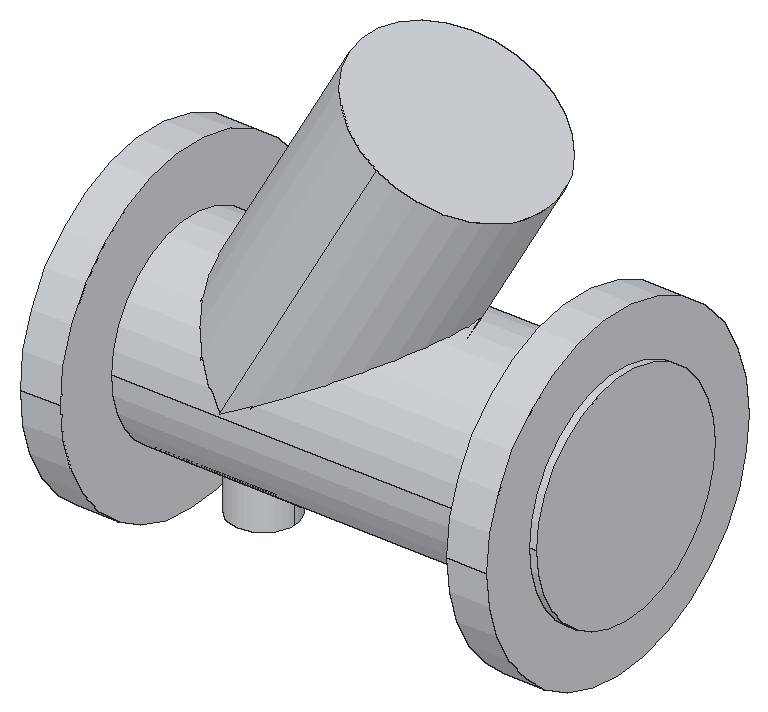
Revit family "HS 821-síto_standard-PN25-DN125-RFA_2018", category Pipe Accessories, Revit 2018
Family settings
  Round Connector Dimension = Use Diameter
  Part Type = Breaks Into
  Work Plane-Based = No
  Always vertical = Yes
  Cut with Voids When Loaded = No
  Shared = No
Parameters (values of type "821D-DN125-PN25-síto_standard")
  magiProductId = "77cc98d60da24855999a22dff726b2"
  magiProductFamilyId = "79214ac3aaa945e397802f559f5c1e"
  magiPartTypeId = 307
  isMeasuringValve [instance] = no
  ang2D [instance] = 0.00°
  ZB__ve = -ZB  # -42.5 mm
  ZB1 = 74.52 mm
  ZB = 42.5 mm
  X2 = 131.888 mm
  X1 = 56 mm
  W2D = 15 mm
  VersionID = "2.0/2017.9.26.1/ZETKAMA_821_001"
  Use Minimum Symbol Size [instance] = yes
  URL = "www.hydronic.cz"
  Type Comments = "Filtr přírubový; síto standardní; A-PN16 (-10~300°C); D-PN25 (-10~350°C); F-PN40 (-10~400°C)"
  S = 184 mm
  QmdConnectorList = "301;D;302;D"
  Productdata [instance] = ""
  Manufacturer = "Hydronic Systems Prague s.r.o."
  MC Product Code = "200 291 (821D; DN125; PN25; kvs326,2; oko síta 1,60mm)"
  LM1 = 32 mm
  LM = 320 mm
  L4 = 100 mm
  L2D_Min = 3048 mm
  L2D = 130 mm
  L2 = 200 mm
  HH2 = 228.438 mm
  FD = 270 mm
  Description = "Filtr přírubový; síto standardní; 821A-PN16; 821D-PN25; 821F-PN40"
  DM1 = 165 mm
  DM = 165.6 mm
  D = 125 mm
  CC = 6.8 mm
  CAT0 = yes
  C1 = 33.2 mm
  C = 40 mm
  BD = 52.164 mm
Types (40, lengths in mm): name | magiProductId | ZB__ve | ZB1 | ZB | X2 | X1 | S | MC Product Code | LM1 | LM | L4 | L2 | HH2 | FD | DM1 | DM | D | CC | C1 | C | BD
  821A-DN015-PN16-síto_standard | "a71bcfe8b393460598b23e8ddf7dc5" | -16.25 | 18.63 | 16.25 | 46.982 | 18.2 | 46 | "200 115 (821A; DN015; PN16; kvs6,3; oko síta 1,00mm)" | 10.4 | 104 | 32.5 | 65 | 81.375 | 95 | 27.6 | 41.4 | 15 | 2.21 | 10.79 | 13 | 13.041
  821A-DN020-PN16-síto_standard | "41cd6c7a12924f4991217528336076" | -17.75 | 22.68 | 17.75 | 51.673 | 21 | 56 | "200 120 (821A; DN020; PN16; kvs11,2; oko síta 1,00mm)" | 12 | 120 | 37.5 | 75 | 89.5 | 105 | 33.6 | 50.4 | 20 | 2.55 | 12.45 | 15 | 15.876
  821A-DN025-PN16-síto_standard | "be378b463ed14c3abf4c9b3ae8cf3a" | -19.25 | 26.325 | 19.25 | 58.601 | 22.4 | 65 | "200 125 (821A; DN025; PN16; kvs14,7; oko síta 1,00mm)" | 12.8 | 128 | 40 | 80 | 101.5 | 115 | 43.2 | 58.5 | 25 | 2.72 | 13.28 | 16 | 18.427
  821A-DN032-PN16-síto_standard | "227a0d18b21540afabe8b6067d35fa" | -23 | 30.78 | 23 | 68.849 | 25.2 | 76 | "200 132 (821A; DN032; PN16; kvs23,7; oko síta 1,00mm)" | 14.4 | 144 | 45 | 90 | 119.25 | 140 | 50.4 | 68.4 | 32 | 3.06 | 14.94 | 18 | 21.546
  821A-DN040-PN16-síto_standard | "d106917c74724141a10440112d0102" | -24.5 | 34.02 | 24.5 | 75.777 | 28 | 84 | "200 140 (821A; DN040; PN16; kvs37,7; oko síta 1,00mm)" | 16 | 160 | 50 | 100 | 131.25 | 150 | 60 | 75.6 | 40 | 3.4 | 16.6 | 20 | 23.814
  821A-DN050-PN16-síto_standard | "8255d456a09e4f6486734f5dd9171b" | -26.75 | 40.095 | 26.75 | 79.061 | 32.2 | 99 | "200 150 (821A; DN050 PN16; kvs57,9; oko síta 1,00mm)" | 18.4 | 184 | 57.5 | 115 | 136.938 | 165 | 73.8 | 89.1 | 50 | 3.91 | 19.09 | 23 | 28.066
  821A-DN065-PN16-síto_standard | "235b1b3e4c0843779a4d5e3716d40a" | -29.75 | 47.79 | 29.75 | 86.927 | 40.6 | 118 | "200 165 (821A; DN065; PN16; kvs101,5; oko síta 1,25mm)" | 23.2 | 232 | 72.5 | 145 | 150.562 | 185 | 94.2 | 106.2 | 65 | 4.93 | 24.07 | 29 | 33.453
  821A-DN080-PN16-síto_standard | "a067f7c5236348ed8c820d16df7214" | -32 | 53.46 | 32 | 104.753 | 43.4 | 132 | "200 180 (821A; DN080; PN16; kvs147,4; oko síta 1,25mm)" | 24.8 | 248 | 77.5 | 155 | 181.438 | 200 | 107.4 | 118.8 | 80 | 5.27 | 25.73 | 31 | 37.422
  821A-DN100-PN16-síto_standard | "c49a648c2747461285837d643703cd" | -35 | 63.18 | 35 | 114.857 | 49 | 156 | "200 190 (821A; DN100; PN16; kvs209,6; oko síta 1,60mm)" | 28 | 280 | 87.5 | 175 | 198.937 | 220 | 131.4 | 140.4 | 100 | 5.95 | 29.05 | 35 | 44.226
  821A-DN125-PN16-síto_standard | "bf68e728a163493cbd2a663b26ebdc" | -39.5 | 74.52 | 39.5 | 131.888 | 56 | 184 | "200 191 (821A; DN125; PN16; kvs326,2; oko síta 1,60mm)" | 32 | 320 | 100 | 200 | 228.438 | 250 | 165 | 165.6 | 125 | 6.8 | 33.2 | 40 | 52.164
  821A-DN150-PN16-síto_standard | "2de770284b654863ae6bc865769dc5" | -44.75 | 85.455 | 44.75 | 155.885 | 67.2 | 211 | "200 192 (821A; DN150; PN16; kvs403; oko síta 1,60mm)" | 38.4 | 384 | 120 | 240 | 270 | 285 | 192 | 189.9 | 150 | 8.16 | 39.84 | 48 | 59.818
  821A-DN200-PN16-síto_standard | "8e5693371ab64aabb29a7f08c76e15" | -53 | 107.73 | 53 | 188.361 | 84 | 266 | "200 193 (821A; DN200; PN16; kvs707; oko síta 1,60mm)" | 48 | 480 | 150 | 300 | 326.25 | 340 | 252 | 239.4 | 200 | 10.2 | 49.8 | 60 | 75.411
  821A-DN250-PN16-síto_standard | "05e37ed948c34047acdd4c42556504" | -62.75 | 129.195 | 62.75 | 255.911 | 102.2 | 319 | "200 194 (821A; DN250; PN16; kvs1234; oko síta 1,60mm)" | 58.4 | 584 | 182.5 | 365 | 443.25 | 405 | 309.6 | 287.1 | 250 | 12.41 | 60.59 | 73 | 90.436
  821A-DN300-PN16-síto_standard | "9ad0af747269428da925480d83ce80" | -71 | 149.85 | 71 | 325.914 | 119 | 370 | "200 195 (821A; DN300; PN16; kvs1916; oko síta 1,60mm)" | 68 | 680 | 212.5 | 425 | 564.5 | 460 | 369.6 | 333 | 300 | 14.45 | 70.55 | 85 | 104.895
  821A-DN350-PN16-síto_standard | "eebc71459bb3451bb4355e7951370a" | -80 | 173.745 | 80 | 356.875 | 137.2 | 429 | "200 196 (821A; DN350; PN16; kvs2621; oko síta 1,60mm)" | 78.4 | 784 | 245 | 490 | 618.125 | 520 | 438 | 386.1 | 350 | 16.66 | 81.34 | 98 | 121.621
  821A-DN400-PN16-síto_standard | "d2f677cb196647e385b2590e7d8abe" | -89 | 194.4 | 89 | 392.237 | 154 | 480 | "200 197 (821A; DN400; PN16; kvs3460; oko síta 1,60mm)" | 88 | 880 | 275 | 550 | 679.375 | 580 | 498 | 432 | 400 | 18.7 | 91.3 | 110 | 136.08
  821D-DN015-PN25-síto_standard | "27ddcbf555414f8ca1fde329bf9087" | -16.25 | 18.63 | 16.25 | 46.982 | 18.2 | 46 | "200 215 (821D; DN015; PN25; kvs6,3; oko síta 1,00mm)" | 10.4 | 104 | 32.5 | 65 | 81.375 | 95 | 27.6 | 41.4 | 15 | 2.21 | 10.79 | 13 | 13.041
  821D-DN020-PN25-síto_standard | "270e0f14012f47189cd0235c18faee" | -17.75 | 22.68 | 17.75 | 51.673 | 21 | 56 | "200 220 (821D; DN020; PN25; kvs11,2; oko síta 1,00mm)" | 12 | 120 | 37.5 | 75 | 89.5 | 105 | 33.6 | 50.4 | 20 | 2.55 | 12.45 | 15 | 15.876
  821D-DN025-PN25-síto_standard | "b9a7fb4aa36643878c637d8e1ab992" | -19.25 | 26.325 | 19.25 | 58.601 | 22.4 | 65 | "200 225 (821D; DN025; PN25; kvs14,7; oko síta 1,00mm)" | 12.8 | 128 | 40 | 80 | 101.5 | 115 | 43.2 | 58.5 | 25 | 2.72 | 13.28 | 16 | 18.427
  821D-DN032-PN25-síto_standard | "6be9a55c4e68400f94eec7e804204c" | -23 | 30.78 | 23 | 68.849 | 25.2 | 76 | "200 232 (821D; DN032; PN25; kvs23,7; oko síta 1,00mm)" | 14.4 | 144 | 45 | 90 | 119.25 | 140 | 50.4 | 68.4 | 32 | 3.06 | 14.94 | 18 | 21.546
  821D-DN040-PN25-síto_standard | "c54511bd7f584ec2984291479612cb" | -24.5 | 34.02 | 24.5 | 75.777 | 28 | 84 | "200 240 (821D; DN040; PN25; kvs37,7; oko síta 1,00mm)" | 16 | 160 | 50 | 100 | 131.25 | 150 | 60 | 75.6 | 40 | 3.4 | 16.6 | 20 | 23.814
  821D-DN050-PN25-síto_standard | "5483b1f596b04cd39b23a14a22c90e" | -26.75 | 40.095 | 26.75 | 79.061 | 32.2 | 99 | "200 250 (821D; DN050; PN25; kvs57,9; oko síta 1,00mm)" | 18.4 | 184 | 57.5 | 115 | 136.938 | 165 | 73.8 | 89.1 | 50 | 3.91 | 19.09 | 23 | 28.066
  821D-DN065-PN25-síto_standard | "767b0f8318e94750bc7a9930ed5b30" | -29.75 | 47.79 | 29.75 | 86.927 | 40.6 | 118 | "200 265 (821D; DN065; PN25; kvs101,5; oko síta 1,25mm)" | 23.2 | 232 | 72.5 | 145 | 150.562 | 185 | 94.2 | 106.2 | 65 | 4.93 | 24.07 | 29 | 33.453
  821D-DN080-PN25-síto_standard | "e21040fa3cc2404b858198f6b73709" | -32 | 53.46 | 32 | 104.753 | 43.4 | 132 | "200 280 (821D; DN080; PN25; kvs147,4; oko síta 1,25mm)" | 24.8 | 248 | 77.5 | 155 | 181.438 | 200 | 107.4 | 118.8 | 80 | 5.27 | 25.73 | 31 | 37.422
  821D-DN100-PN25-síto_standard | "175ca87a506b40b3bc6b82f12f33cf" | -37.25 | 63.18 | 37.25 | 114.857 | 49 | 156 | "200 290 (821D; DN100; PN25; kvs209,6; oko síta 1,60mm)" | 28 | 280 | 87.5 | 175 | 198.937 | 235 | 131.4 | 140.4 | 100 | 5.95 | 29.05 | 35 | 44.226
  821D-DN125-PN25-síto_standard | "77cc98d60da24855999a22dff726b2" | -42.5 | 74.52 | 42.5 | 131.888 | 56 | 184 | "200 291 (821D; DN125; PN25; kvs326,2; oko síta 1,60mm)" | 32 | 320 | 100 | 200 | 228.438 | 270 | 165 | 165.6 | 125 | 6.8 | 33.2 | 40 | 52.164
  821D-DN150-PN25-síto_standard | "9cf8acfcd15547d68e83172d3abcbe" | -47 | 85.455 | 47 | 155.885 | 67.2 | 211 | "200 292 (821D; DN150; PN25; kvs403; oko síta 1,60mm)" | 38.4 | 384 | 120 | 240 | 270 | 300 | 192 | 189.9 | 150 | 8.16 | 39.84 | 48 | 59.818
  821D-DN200-PN25-síto_standard | "16973f3c9ea14389ba8602495a6b64" | -56 | 110.97 | 56 | 188.361 | 84 | 274 | "200 293 (821D; DN200; PN25; kvs707; oko síta 1,60mm)" | 48 | 480 | 150 | 300 | 326.25 | 360 | 252 | 246.6 | 200 | 10.2 | 49.8 | 60 | 77.679
  821F-DN015-PN40-síto_standard | "4c7eaf3c4c0340888b3e684d8a8616" | -16.25 | 18.225 | 16.25 | 46.982 | 18.2 | 45 | "240 615 (821F; DN015; PN40; kvs6,3; oko síta 1,00mm)" | 10.4 | 104 | 32.5 | 65 | 81.375 | 95 | 27.6 | 40.5 | 15 | 2.21 | 10.79 | 13 | 12.757
  821F-DN020-PN40-síto_standard | "aaac5f1ec96b44d6ba96ac2293d66d" | -17.75 | 23.49 | 17.75 | 51.673 | 21 | 58 | "240 620 (821F; DN020; PN40; kvs11,2; oko síta 1,00mm)" | 12 | 120 | 37.5 | 75 | 89.5 | 105 | 33.6 | 52.2 | 20 | 2.55 | 12.45 | 15 | 16.443
  821F-DN025-PN40-síto_standard | "504768023968471481789485b54c7e" | -19.25 | 27.54 | 19.25 | 58.601 | 22.4 | 68 | "240 625 (821F; DN025; PN40; kvs14,7; oko síta 1,00mm)" | 12.8 | 128 | 40 | 80 | 101.5 | 115 | 43.2 | 61.2 | 25 | 2.72 | 13.28 | 16 | 19.278
  821F-DN032-PN40-síto_standard | "165e7f39cf744f329bdf1c400dad12" | -23 | 31.59 | 23 | 68.849 | 25.2 | 78 | "240 632 (821F; DN032; PN40; kvs23,7; oko síta 1,00mm)" | 14.4 | 144 | 45 | 90 | 119.25 | 140 | 50.4 | 70.2 | 32 | 3.06 | 14.94 | 18 | 22.113
  821F-DN040-PN40-síto_standard | "b8903f952089408fbf3a5a632bab1f" | -24.5 | 35.64 | 24.5 | 75.777 | 28 | 88 | "240 640 (821F; DN040; PN40; kvs37,7; oko síta 1,00mm)" | 16 | 160 | 50 | 100 | 131.25 | 150 | 60 | 79.2 | 40 | 3.4 | 16.6 | 20 | 24.948
  821F-DN050-PN40-síto_standard | "c451f97266fe48da8f879cb6a2bd44" | -26.75 | 41.31 | 26.75 | 79.061 | 32.2 | 102 | "240 650 (821F; DN050; PN40; kvs57,9; oko síta 1,00mm)" | 18.4 | 184 | 57.5 | 115 | 136.938 | 165 | 73.8 | 91.8 | 50 | 3.91 | 19.09 | 23 | 28.917
  821F-DN065-PN40-síto_standard | "dc9821e3f9b34e128f6a8c6b34c198" | -29.75 | 49.41 | 29.75 | 86.927 | 40.6 | 122 | "240 665 (821F; DN065; PN40; kvs101,5; oko síta 1,25mm)" | 23.2 | 232 | 72.5 | 145 | 150.562 | 185 | 94.2 | 109.8 | 65 | 4.93 | 24.07 | 29 | 34.587
  821F-DN080-PN40-síto_standard | "689aa1e260f84cf4994f027a1d86b5" | -32 | 55.89 | 32 | 104.753 | 43.4 | 138 | "240 680 (821F; DN080; PN40; kvs147,4; oko síta 1,25mm)" | 24.8 | 248 | 77.5 | 155 | 181.438 | 200 | 107.4 | 124.2 | 80 | 5.27 | 25.73 | 31 | 39.123
  821F-DN100-PN40-síto_standard | "8a45d4e8e2ab425f8c432f21d684f3" | -37.25 | 65.61 | 37.25 | 114.857 | 49 | 162 | "240 690 (821F; DN100; PN40; kvs209,6; oko síta 1,6mm)" | 28 | 280 | 87.5 | 175 | 198.937 | 235 | 131.4 | 145.8 | 100 | 5.95 | 29.05 | 35 | 45.927
  821F-DN125-PN40-síto_standard | "cf073904c006406b8645afa67ea2fc" | -42.5 | 76.14 | 42.5 | 131.888 | 56 | 188 | "240 691 (821F; DN125; PN40; kvs326,2; oko síta 1,6mm)" | 32 | 320 | 100 | 200 | 228.438 | 270 | 165 | 169.2 | 125 | 6.8 | 33.2 | 40 | 53.298
  821F-DN150-PN40-síto_standard | "0153b9ddabe14992a630484929fdbc" | -47 | 88.29 | 47 | 155.885 | 67.2 | 218 | "240 692 (821F; DN150; PN40; kvs403; oko síta 1,6mm)" | 38.4 | 384 | 120 | 240 | 270 | 300 | 192 | 196.2 | 150 | 8.16 | 39.84 | 48 | 61.803
  821F-DN200-PN40-síto_standard | "7fb3fc01dd8d42428c203e3f8dd4d5" | -56 | 115.425 | 56 | 188.361 | 84 | 285 | "240 693 (821F; DN200; PN40; kvs707; oko síta 1,6mm)" | 48 | 480 | 150 | 300 | 326.25 | 360 | 252 | 256.5 | 200 | 10.2 | 49.8 | 60 | 80.797
Reference planes
  plane 1 "Center (Front/Back)": y = 0
  plane 2 "XYPLANE": z = 0
  plane 3 "Center (Left/Right)": x = 0
  plane 4 "109": x = -128
  plane 5 "108": x = 160
  plane 6 "107": x = -160
  plane 7 "105": x = 200
  plane 8 "104": x = -200
  plane 9 "103": y = 0
  plane 10 "102": z = 0
  plane 11 "101": x = -193.2
  plane 12 "100": x = 193.2
  plane 13 "11": x = -72
  plane 14 "10": z = 228.438
  plane 15 "9": x = 59.888
  plane 16 "5": z = -74.52
  plane 17 "4": x = -100
  plane 18 "1": x = 100
Forms (mm)
  Extrusion 1, solid, visible <- "CAT0"
    sketch origin (-160, -750, 0) x (0, 1, 0) y (0, 0, 1)
      loop
        circle (750, 0) r 82.8
    from 0 to 320 <- "LM"
  Extrusion 2, solid
    sketch origin (-200, -750, 0) x (0, 1, 0) y (0, 0, 1)
      loop
        circle (750, 0) r 92
    from 0 to 6.8 <- "CC"
  Extrusion 3, solid
    sketch origin (-193.2, -750, 0) x (0, 1, 0) y (0, 0, 1)
      loop
        circle (750, 0) r 135
    from 0 to 33.2 <- "C1"
  Extrusion 4, solid
    sketch origin (160, -750, 0) x (0, 1, 0) y (0, 0, 1)
      loop
        circle (750, 0) r 135
    from 0 to 33.2 <- "C1"
  Extrusion 5, solid
    sketch origin (193.2, -750, 0) x (0, 1, 0) y (0, 0, 1)
      loop
        circle (750, 0) r 92
    from 0 to 6.8 <- "CC"
  Sweep 6, solid, visible <- "CAT0"
    path origin (750, 0, 0) x (-1, 0, 0) y (0, 0, 1)
      loop
        line (910, 0) -> (822, 0) -> (690.112, 228.438)
    profile origin (-160, 0, 0) x (0, 0, -1) y (0, 1, 0)
      loop
        circle (0, 0) r 82.5
  Extrusion 7, solid, visible <- "CAT0"
    sketch origin (-750, 0, -74.52) x (1, 0, 0) y (0, 1, 0)
      loop
        circle (650, 0) r 26.082
    from 0 to -42.5 <- "ZB__ve"
  Extrusion 8, solid, visible <- "CAT0"
    sketch origin (-750, 0, -74.52) x (1, 0, 0) y (0, 1, 0)
      loop
        circle (850, 0) r 26.082
    from 0 to -42.5 <- "ZB__ve"
  Extrusion 9, solid, not visible
    sketch origin (200, -750, 0) x (0, 1, 0) y (0, 0, 1)
      loop
        circle (750, 0) r 10
    from 0 to -10
  Extrusion 10, solid, not visible
    sketch origin (-200, -750, 0) x (0, 1, 0) y (0, 0, 1)
      loop
        circle (750, 0) r 10
    from 0 to 10
Lines and regions (mm)
  reference lines, not visible
    curve 1: circle (2, 2, 0) r 1 normal (0, 0, 1)
Dimensions and locks
  plane 1 "Center (Front/Back)" to curve 1 = 2 mm
  "LM1": plane 6 "107" to plane 4 "109"
  "LM": plane 6 "107" to plane 5 "108"
  "C": plane 8 "104" to plane 6 "107"
  "L2": plane 3 "Center (Left/Right)" to plane 7 "105"
  "L2": plane 3 "Center (Left/Right)" to plane 8 "104"
  locked: plane 1 "Center (Front/Back)" to plane 9 "103"
  locked: plane 2 "XYPLANE" to plane 10 "102"
  "CC": plane 8 "104" to plane 11 "101"
  "C1": plane 5 "108" to plane 12 "100"
  "X1": plane 4 "109" to plane 13 "11"
  "HH2": plane 2 "XYPLANE" to plane 14 "10"
  "X2": plane 13 "11" to plane 15 "9"
  "ZB1": plane 2 "XYPLANE" to plane 16 "5"
  "L4": plane 8 "104" to plane 17 "4"
  "L2": plane 17 "4" to plane 18 "1"
  Sweep 6 sketch curve to Sweep 6 sketch curve = 0 mm  (x2)
  "DM": diameter of Extrusion 1 sketch curve
  "S": diameter of Extrusion 2 sketch curve
  "FD": diameter of Extrusion 3 sketch curve
  "FD": diameter of Extrusion 4 sketch curve
  "S": diameter of Extrusion 5 sketch curve
  "DM1": diameter of Sweep 6 sketch curve
  "BD": diameter of Extrusion 7 sketch curve
  "BD": diameter of Extrusion 8 sketch curve
  aligned and locked: level to plane 2 "XYPLANE"
  aligned and locked: Extrusion 1 sketch curve to plane 9 "103"
  aligned and locked: plane 10 "102" to Extrusion 1 sketch curve
  aligned and locked: Extrusion 2 sketch curve to plane 9 "103"
  aligned and locked: plane 10 "102" to Extrusion 2 sketch curve
  aligned and locked: Extrusion 3 sketch curve to plane 9 "103"
  aligned and locked: plane 10 "102" to Extrusion 3 sketch curve
  aligned and locked: Extrusion 4 sketch curve to plane 9 "103"
  aligned and locked: plane 10 "102" to Extrusion 4 sketch curve
  aligned and locked: Extrusion 5 sketch curve to plane 9 "103"
  aligned and locked: plane 10 "102" to Extrusion 5 sketch curve
  aligned and locked: Sweep 6 sketch curve to plane 9 "103"
  aligned and locked: plane 10 "102" to Sweep 6 sketch curve  (x3)
  aligned and locked: plane 6 "107" to Sweep 6 sketch curve
  aligned and locked: plane 13 "11" to Sweep 6 sketch curve
  aligned and locked: plane 14 "10" to Sweep 6 sketch curve
  aligned and locked: plane 15 "9" to Sweep 6 sketch curve
  aligned and locked: plane 9 "103" to Extrusion 7 sketch curve
  aligned and locked: plane 17 "4" to Extrusion 7 sketch curve
  aligned and locked: plane 9 "103" to Extrusion 8 sketch curve
  aligned and locked: plane 18 "1" to Extrusion 8 sketch curve
  aligned and locked: Extrusion 9 sketch curve to plane 9 "103"
  aligned and locked: plane 10 "102" to Extrusion 9 sketch curve
  aligned and locked: Extrusion 10 sketch curve to plane 9 "103"
  aligned and locked: plane 10 "102" to Extrusion 10 sketch curve
Automatic sketch dimensions
  plane 1 "Center (Front/Back)" to Extrusion 9 sketch curve = 10 mm
  plane 1 "Center (Front/Back)" to Extrusion 10 sketch curve = 10 mm
  plane 3 "Center (Left/Right)" to curve 1 = 2 mm
  radius of curve 1 = 1 mm
Connectors
  piping at (-200, 0, 0), diameter 125, driven by "D"
    settings: on Extrusion 10, index 1, connector inside diameter 609.6 mm, connector length 0 mm, flow factor 0, pipe flow 0.0 L/s, pressure drop 0.0 Pa, fitting loss kfactor 0, connector angle 0.00°, fixture units 0, engagement length 0 mm, angle of deflection 0.00°, flow configuration 0, flow direction 0, fitting loss method 0, system type 29, joint type 0, gender type 0, connector reference index 2, connector utility 0, adjustable connector no, is connector primary yes, connector description ""
  piping at (200, 0, 0), diameter 125, driven by "D"
    settings: on Extrusion 9, index 2, connector inside diameter 609.6 mm, connector length 0 mm, flow factor 0, pipe flow 0.0 L/s, pressure drop 0.0 Pa, fitting loss kfactor 0, connector angle 0.00°, fixture units 0, engagement length 0 mm, angle of deflection 0.00°, flow configuration 0, flow direction 0, fitting loss method 0, system type 29, joint type 0, gender type 0, connector reference index 1, connector utility 0, adjustable connector no, is connector primary no, connector description ""
